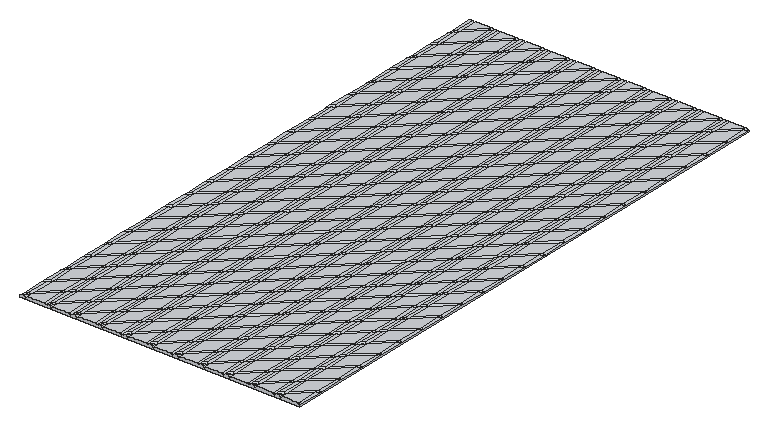
Revit family "J2 PET Felt Engraved Diamond", category Generic Models, host Face, Revit 2022
Family settings
  Host = Face
  Can host rebar = No
  Round Connector Dimension = Use Diameter
  Part Type = Normal
  Cut with Voids When Loaded = No
  Maintain Annotation Orientation = No
  Shared = No
  Room Calculation Point = No
Parameters
  URL = "https://www.j2systems.net/"
  Symbol Name = "FPEDMD"  # constant formula
  Style Number = "FPEDMD"  # constant formula
  Release Date = "2019"  # constant formula
  Product Line = "Engraved Panels"  # constant formula
  Model = "Diamond"  # constant formula
  Manufacturer = "J2 Systems"  # constant formula
  Felt color = none
  Default Elevation = 0' - 0"
Reference planes (in)
  plane 1 "Center (Front/Back)": y = 0
  plane 2: z = 0
  plane 3 "Center (Left/Right)": x = 0
Forms (in)
  Extrusion 1, solid, material <- "Felt color"
    sketch origin (0, 0, 0) x (1, 0, 0) y (0, 1, 0)
      loop
        line (0, 0) -> (47, 0) -> (47, 94) -> (0, 94) -> (0, 0)
    from 0 to 0.5
  Sweep 2, void
    path origin (-16.61701, 16.61701, 0) x (0.707107, -0.707107, 0) y (0.707107, 0.707107, 0)
      loop
        line (23.5, -0.25) -> (23.5, 66.75)
    profile origin (23.5113, 23.5113, 0) x (-0.707107, 0.707107, 0) y (0, 0, 1)
      loop
        line (0, 0.25) -> (0.25, 0.5) -> (-0.25, 0.5) -> (0, 0.25)
  Sweep 3, void
    path origin (-16.61701, 20.88974, 0) x (0.707107, -0.707107, 0) y (0.707107, 0.707107, 0)
      loop
        line (23.5, -0.25) -> (23.5, 66.75)
    profile origin (23.5113, 27.78403, 0) x (-0.707107, 0.707107, 0) y (0, 0, 1)
      loop
        line (0, 0.25) -> (0.25, 0.5) -> (-0.25, 0.5) -> (0, 0.25)
  Sweep 4, void
    path origin (-16.61701, 25.16246, 0) x (0.707107, -0.707107, 0) y (0.707107, 0.707107, 0)
      loop
        line (23.5, -0.25) -> (23.5, 66.75)
    profile origin (23.5113, 32.05676, 0) x (-0.707107, 0.707107, 0) y (0, 0, 1)
      loop
        line (0, 0.25) -> (0.25, 0.5) -> (-0.25, 0.5) -> (0, 0.25)
  Sweep 5, void
    path origin (-16.61701, 29.43519, 0) x (0.707107, -0.707107, 0) y (0.707107, 0.707107, 0)
      loop
        line (23.5, -0.25) -> (23.5, 66.75)
    profile origin (23.5113, 36.32948, 0) x (-0.707107, 0.707107, 0) y (0, 0, 1)
      loop
        line (0, 0.25) -> (0.25, 0.5) -> (-0.25, 0.5) -> (0, 0.25)
  Sweep 6, void
    path origin (-16.61701, 33.70792, 0) x (0.707107, -0.707107, 0) y (0.707107, 0.707107, 0)
      loop
        line (23.5, -0.25) -> (23.5, 66.75)
    profile origin (23.5113, 40.60221, 0) x (-0.707107, 0.707107, 0) y (0, 0, 1)
      loop
        line (0, 0.25) -> (0.25, 0.5) -> (-0.25, 0.5) -> (0, 0.25)
  Sweep 7, void
    path origin (-16.61701, 37.98065, 0) x (0.707107, -0.707107, 0) y (0.707107, 0.707107, 0)
      loop
        line (23.5, -0.25) -> (23.5, 66.75)
    profile origin (23.5113, 44.87494, 0) x (-0.707107, 0.707107, 0) y (0, 0, 1)
      loop
        line (0, 0.25) -> (0.25, 0.5) -> (-0.25, 0.5) -> (0, 0.25)
  Sweep 8, void
    path origin (-16.61701, 42.25337, 0) x (0.707107, -0.707107, 0) y (0.707107, 0.707107, 0)
      loop
        line (23.5, -0.25) -> (23.5, 66.75)
    profile origin (23.5113, 49.14766, 0) x (-0.707107, 0.707107, 0) y (0, 0, 1)
      loop
        line (0, 0.25) -> (0.25, 0.5) -> (-0.25, 0.5) -> (0, 0.25)
  Sweep 9, void
    path origin (-16.61701, 46.5261, 0) x (0.707107, -0.707107, 0) y (0.707107, 0.707107, 0)
      loop
        line (23.5, -0.25) -> (23.5, 66.75)
    profile origin (23.5113, 53.42039, 0) x (-0.707107, 0.707107, 0) y (0, 0, 1)
      loop
        line (0, 0.25) -> (0.25, 0.5) -> (-0.25, 0.5) -> (0, 0.25)
  Sweep 10, void
    path origin (-16.61701, 50.79883, 0) x (0.707107, -0.707107, 0) y (0.707107, 0.707107, 0)
      loop
        line (23.5, -0.25) -> (23.5, 66.75)
    profile origin (23.5113, 57.69312, 0) x (-0.707107, 0.707107, 0) y (0, 0, 1)
      loop
        line (0, 0.25) -> (0.25, 0.5) -> (-0.25, 0.5) -> (0, 0.25)
  Sweep 11, void
    path origin (-16.61701, 55.07155, 0) x (0.707107, -0.707107, 0) y (0.707107, 0.707107, 0)
      loop
        line (23.5, -0.25) -> (23.5, 66.75)
    profile origin (23.5113, 61.96585, 0) x (-0.707107, 0.707107, 0) y (0, 0, 1)
      loop
        line (0, 0.25) -> (0.25, 0.5) -> (-0.25, 0.5) -> (0, 0.25)
  Sweep 12, void
    path origin (-16.61701, 59.34428, 0) x (0.707107, -0.707107, 0) y (0.707107, 0.707107, 0)
      loop
        line (23.5, -0.25) -> (23.5, 66.75)
    profile origin (23.5113, 66.23857, 0) x (-0.707107, 0.707107, 0) y (0, 0, 1)
      loop
        line (0, 0.25) -> (0.25, 0.5) -> (-0.25, 0.5) -> (0, 0.25)
  Sweep 13, void
    path origin (-16.61701, 63.61701, 0) x (0.707107, -0.707107, 0) y (0.707107, 0.707107, 0)
      loop
        line (23.5, -0.25) -> (23.5, 66.75)
    profile origin (23.5113, 70.5113, 0) x (-0.707107, 0.707107, 0) y (0, 0, 1)
      loop
        line (0, 0.25) -> (0.25, 0.5) -> (-0.25, 0.5) -> (0, 0.25)
  Sweep 14, void
    path origin (-16.61701, 67.88974, 0) x (0.707107, -0.707107, 0) y (0.707107, 0.707107, 0)
      loop
        line (23.5, -0.25) -> (23.5, 66.75)
    profile origin (23.5113, 74.78403, 0) x (-0.707107, 0.707107, 0) y (0, 0, 1)
      loop
        line (0, 0.25) -> (0.25, 0.5) -> (-0.25, 0.5) -> (0, 0.25)
  Sweep 15, void
    path origin (-16.61701, 72.16246, 0) x (0.707107, -0.707107, 0) y (0.707107, 0.707107, 0)
      loop
        line (23.5, -0.25) -> (23.5, 66.75)
    profile origin (23.5113, 79.05676, 0) x (-0.707107, 0.707107, 0) y (0, 0, 1)
      loop
        line (0, 0.25) -> (0.25, 0.5) -> (-0.25, 0.5) -> (0, 0.25)
  Sweep 16, void
    path origin (-16.61701, 76.43519, 0) x (0.707107, -0.707107, 0) y (0.707107, 0.707107, 0)
      loop
        line (23.5, -0.25) -> (23.5, 66.75)
    profile origin (23.5113, 83.32948, 0) x (-0.707107, 0.707107, 0) y (0, 0, 1)
      loop
        line (0, 0.25) -> (0.25, 0.5) -> (-0.25, 0.5) -> (0, 0.25)
  Sweep 17, void
    path origin (-16.61701, 80.70792, 0) x (0.707107, -0.707107, 0) y (0.707107, 0.707107, 0)
      loop
        line (23.5, -0.25) -> (23.5, 66.75)
    profile origin (23.5113, 87.60221, 0) x (-0.707107, 0.707107, 0) y (0, 0, 1)
      loop
        line (0, 0.25) -> (0.25, 0.5) -> (-0.25, 0.5) -> (0, 0.25)
  Sweep 18, void
    path origin (-16.61701, 84.98065, 0) x (0.707107, -0.707107, 0) y (0.707107, 0.707107, 0)
      loop
        line (23.5, -0.25) -> (23.5, 66.75)
    profile origin (23.5113, 91.87494, 0) x (-0.707107, 0.707107, 0) y (0, 0, 1)
      loop
        line (0, 0.25) -> (0.25, 0.5) -> (-0.25, 0.5) -> (0, 0.25)
  Sweep 19, void
    path origin (-16.61701, 89.25337, 0) x (0.707107, -0.707107, 0) y (0.707107, 0.707107, 0)
      loop
        line (23.5, -0.25) -> (23.5, 66.75)
    profile origin (23.5113, 96.14766, 0) x (-0.707107, 0.707107, 0) y (0, 0, 1)
      loop
        line (0, 0.25) -> (0.25, 0.5) -> (-0.25, 0.5) -> (0, 0.25)
  Sweep 20, void
    path origin (-16.61701, 93.5261, 0) x (0.707107, -0.707107, 0) y (0.707107, 0.707107, 0)
      loop
        line (23.5, -0.25) -> (23.5, 66.75)
    profile origin (23.5113, 100.42039, 0) x (-0.707107, 0.707107, 0) y (0, 0, 1)
      loop
        line (0, 0.25) -> (0.25, 0.5) -> (-0.25, 0.5) -> (0, 0.25)
  Sweep 21, void
    path origin (-16.61701, 97.79883, 0) x (0.707107, -0.707107, 0) y (0.707107, 0.707107, 0)
      loop
        line (23.5, -0.25) -> (23.5, 66.75)
    profile origin (23.5113, 104.69312, 0) x (-0.707107, 0.707107, 0) y (0, 0, 1)
      loop
        line (0, 0.25) -> (0.25, 0.5) -> (-0.25, 0.5) -> (0, 0.25)
  Sweep 22, void
    path origin (-16.61701, 102.07155, 0) x (0.707107, -0.707107, 0) y (0.707107, 0.707107, 0)
      loop
        line (23.5, -0.25) -> (23.5, 66.75)
    profile origin (23.5113, 108.96585, 0) x (-0.707107, 0.707107, 0) y (0, 0, 1)
      loop
        line (0, 0.25) -> (0.25, 0.5) -> (-0.25, 0.5) -> (0, 0.25)
  Sweep 23, void
    path origin (-16.61701, 106.34428, 0) x (0.707107, -0.707107, 0) y (0.707107, 0.707107, 0)
      loop
        line (23.5, -0.25) -> (23.5, 66.75)
    profile origin (23.5113, 113.23857, 0) x (-0.707107, 0.707107, 0) y (0, 0, 1)
      loop
        line (0, 0.25) -> (0.25, 0.5) -> (-0.25, 0.5) -> (0, 0.25)
  Sweep 24, void
    path origin (-16.61701, -30.38299, 0) x (0.707107, -0.707107, 0) y (0.707107, 0.707107, 0)
      loop
        line (23.5, -0.25) -> (23.5, 66.75)
    profile origin (23.5113, -23.4887, 0) x (-0.707107, 0.707107, 0) y (0, 0, 1)
      loop
        line (0, 0.25) -> (0.25, 0.5) -> (-0.25, 0.5) -> (0, 0.25)
  Sweep 25, void
    path origin (-16.61701, -26.11026, 0) x (0.707107, -0.707107, 0) y (0.707107, 0.707107, 0)
      loop
        line (23.5, -0.25) -> (23.5, 66.75)
    profile origin (23.5113, -19.21597, 0) x (-0.707107, 0.707107, 0) y (0, 0, 1)
      loop
        line (0, 0.25) -> (0.25, 0.5) -> (-0.25, 0.5) -> (0, 0.25)
  Sweep 26, void
    path origin (-16.61701, -21.83754, 0) x (0.707107, -0.707107, 0) y (0.707107, 0.707107, 0)
      loop
        line (23.5, -0.25) -> (23.5, 66.75)
    profile origin (23.5113, -14.94324, 0) x (-0.707107, 0.707107, 0) y (0, 0, 1)
      loop
        line (0, 0.25) -> (0.25, 0.5) -> (-0.25, 0.5) -> (0, 0.25)
  Sweep 27, void
    path origin (-16.61701, -17.56481, 0) x (0.707107, -0.707107, 0) y (0.707107, 0.707107, 0)
      loop
        line (23.5, -0.25) -> (23.5, 66.75)
    profile origin (23.5113, -10.67052, 0) x (-0.707107, 0.707107, 0) y (0, 0, 1)
      loop
        line (0, 0.25) -> (0.25, 0.5) -> (-0.25, 0.5) -> (0, 0.25)
  Sweep 28, void
    path origin (-16.61701, -13.29208, 0) x (0.707107, -0.707107, 0) y (0.707107, 0.707107, 0)
      loop
        line (23.5, -0.25) -> (23.5, 66.75)
    profile origin (23.5113, -6.39779, 0) x (-0.707107, 0.707107, 0) y (0, 0, 1)
      loop
        line (0, 0.25) -> (0.25, 0.5) -> (-0.25, 0.5) -> (0, 0.25)
  Sweep 29, void
    path origin (-16.61701, -9.01935, 0) x (0.707107, -0.707107, 0) y (0.707107, 0.707107, 0)
      loop
        line (23.5, -0.25) -> (23.5, 66.75)
    profile origin (23.5113, -2.12506, 0) x (-0.707107, 0.707107, 0) y (0, 0, 1)
      loop
        line (0, 0.25) -> (0.25, 0.5) -> (-0.25, 0.5) -> (0, 0.25)
  Sweep 30, void
    path origin (-16.61701, -4.74663, 0) x (0.707107, -0.707107, 0) y (0.707107, 0.707107, 0)
      loop
        line (23.5, -0.25) -> (23.5, 66.75)
    profile origin (23.5113, 2.14766, 0) x (-0.707107, 0.707107, 0) y (0, 0, 1)
      loop
        line (0, 0.25) -> (0.25, 0.5) -> (-0.25, 0.5) -> (0, 0.25)
  Sweep 31, void
    path origin (-16.61701, -0.4739, 0) x (0.707107, -0.707107, 0) y (0.707107, 0.707107, 0)
      loop
        line (23.5, -0.25) -> (23.5, 66.75)
    profile origin (23.5113, 6.42039, 0) x (-0.707107, 0.707107, 0) y (0, 0, 1)
      loop
        line (0, 0.25) -> (0.25, 0.5) -> (-0.25, 0.5) -> (0, 0.25)
  Sweep 32, void
    path origin (-16.61701, 3.79883, 0) x (0.707107, -0.707107, 0) y (0.707107, 0.707107, 0)
      loop
        line (23.5, -0.25) -> (23.5, 66.75)
    profile origin (23.5113, 10.69312, 0) x (-0.707107, 0.707107, 0) y (0, 0, 1)
      loop
        line (0, 0.25) -> (0.25, 0.5) -> (-0.25, 0.5) -> (0, 0.25)
  Sweep 33, void
    path origin (-16.61701, 8.07155, 0) x (0.707107, -0.707107, 0) y (0.707107, 0.707107, 0)
      loop
        line (23.5, -0.25) -> (23.5, 66.75)
    profile origin (23.5113, 14.96585, 0) x (-0.707107, 0.707107, 0) y (0, 0, 1)
      loop
        line (0, 0.25) -> (0.25, 0.5) -> (-0.25, 0.5) -> (0, 0.25)
  Sweep 34, void
    path origin (-16.61701, 12.34428, 0) x (0.707107, -0.707107, 0) y (0.707107, 0.707107, 0)
      loop
        line (23.5, -0.25) -> (23.5, 66.75)
    profile origin (23.5113, 19.23857, 0) x (-0.707107, 0.707107, 0) y (0, 0, 1)
      loop
        line (0, 0.25) -> (0.25, 0.5) -> (-0.25, 0.5) -> (0, 0.25)
  Sweep 35, void
    path origin (-16.61701, 110.61701, 0) x (0.707107, -0.707107, 0) y (0.707107, 0.707107, 0)
      loop
        line (23.5, -0.25) -> (23.5, 66.75)
    profile origin (23.5113, 117.5113, 0) x (-0.707107, 0.707107, 0) y (0, 0, 1)
      loop
        line (0, 0.25) -> (0.25, 0.5) -> (-0.25, 0.5) -> (0, 0.25)
  Sweep 36, void
    path origin (-22.5, 0.25, 0) x (1, 0, 0) y (0, 1, 0)
      loop
        line (23.5, -0.25) -> (23.5, 93.75)
    profile origin (1, 47, 0) x (-1, 0, 0) y (0, 0, 1)
      loop
        line (0, 0.25) -> (0.25, 0.5) -> (-0.25, 0.5) -> (0, 0.25)
  Sweep 37, void
    path origin (-23.5, 0.25, 0) x (1, 0, 0) y (0, 1, 0)
      loop
        line (23.5, -0.25) -> (23.5, 93.75)
    profile origin (0, 47, 0) x (-1, 0, 0) y (0, 0, 1)
      loop
        line (0, 0.25) -> (0, 0.5) -> (-0.25, 0.5) -> (0, 0.25)
  Sweep 38, void
    path origin (-13.95455, 0.25, 0) x (1, 0, 0) y (0, 1, 0)
      loop
        line (23.5, -0.25) -> (23.5, 93.75)
    profile origin (9.54545, 47, 0) x (-1, 0, 0) y (0, 0, 1)
      loop
        line (0, 0.25) -> (0.25, 0.5) -> (-0.25, 0.5) -> (0, 0.25)
  Sweep 39, void
    path origin (-14.95455, 0.25, 0) x (1, 0, 0) y (0, 1, 0)
      loop
        line (23.5, -0.25) -> (23.5, 93.75)
    profile origin (8.54545, 47, 0) x (-1, 0, 0) y (0, 0, 1)
      loop
        line (0, 0.25) -> (0.25, 0.5) -> (-0.25, 0.5) -> (0, 0.25)
  Sweep 40, void
    path origin (-9.68182, 0.25, 0) x (1, 0, 0) y (0, 1, 0)
      loop
        line (23.5, -0.25) -> (23.5, 93.75)
    profile origin (13.81818, 47, 0) x (-1, 0, 0) y (0, 0, 1)
      loop
        line (0, 0.25) -> (0.25, 0.5) -> (-0.25, 0.5) -> (0, 0.25)
  Sweep 41, void
    path origin (-10.68182, 0.25, 0) x (1, 0, 0) y (0, 1, 0)
      loop
        line (23.5, -0.25) -> (23.5, 93.75)
    profile origin (12.81818, 47, 0) x (-1, 0, 0) y (0, 0, 1)
      loop
        line (0, 0.25) -> (0.25, 0.5) -> (-0.25, 0.5) -> (0, 0.25)
  Sweep 42, void
    path origin (-5.40909, 0.25, 0) x (1, 0, 0) y (0, 1, 0)
      loop
        line (23.5, -0.25) -> (23.5, 93.75)
    profile origin (18.09091, 47, 0) x (-1, 0, 0) y (0, 0, 1)
      loop
        line (0, 0.25) -> (0.25, 0.5) -> (-0.25, 0.5) -> (0, 0.25)
  Sweep 43, void
    path origin (-6.40909, 0.25, 0) x (1, 0, 0) y (0, 1, 0)
      loop
        line (23.5, -0.25) -> (23.5, 93.75)
    profile origin (17.09091, 47, 0) x (-1, 0, 0) y (0, 0, 1)
      loop
        line (0, 0.25) -> (0.25, 0.5) -> (-0.25, 0.5) -> (0, 0.25)
  Sweep 44, void
    path origin (-1.13636, 0.25, 0) x (1, 0, 0) y (0, 1, 0)
      loop
        line (23.5, -0.25) -> (23.5, 93.75)
    profile origin (22.36364, 47, 0) x (-1, 0, 0) y (0, 0, 1)
      loop
        line (0, 0.25) -> (0.25, 0.5) -> (-0.25, 0.5) -> (0, 0.25)
  Sweep 45, void
    path origin (-2.13636, 0.25, 0) x (1, 0, 0) y (0, 1, 0)
      loop
        line (23.5, -0.25) -> (23.5, 93.75)
    profile origin (21.36364, 47, 0) x (-1, 0, 0) y (0, 0, 1)
      loop
        line (0, 0.25) -> (0.25, 0.5) -> (-0.25, 0.5) -> (0, 0.25)
  Sweep 46, void
    path origin (3.13636, 0.25, 0) x (1, 0, 0) y (0, 1, 0)
      loop
        line (23.5, -0.25) -> (23.5, 93.75)
    profile origin (26.63636, 47, 0) x (-1, 0, 0) y (0, 0, 1)
      loop
        line (0, 0.25) -> (0.25, 0.5) -> (-0.25, 0.5) -> (0, 0.25)
  Sweep 47, void
    path origin (2.13636, 0.25, 0) x (1, 0, 0) y (0, 1, 0)
      loop
        line (23.5, -0.25) -> (23.5, 93.75)
    profile origin (25.63636, 47, 0) x (-1, 0, 0) y (0, 0, 1)
      loop
        line (0, 0.25) -> (0.25, 0.5) -> (-0.25, 0.5) -> (0, 0.25)
  Sweep 48, void
    path origin (7.40909, 0.25, 0) x (1, 0, 0) y (0, 1, 0)
      loop
        line (23.5, -0.25) -> (23.5, 93.75)
    profile origin (30.90909, 47, 0) x (-1, 0, 0) y (0, 0, 1)
      loop
        line (0, 0.25) -> (0.25, 0.5) -> (-0.25, 0.5) -> (0, 0.25)
  Sweep 49, void
    path origin (6.40909, 0.25, 0) x (1, 0, 0) y (0, 1, 0)
      loop
        line (23.5, -0.25) -> (23.5, 93.75)
    profile origin (29.90909, 47, 0) x (-1, 0, 0) y (0, 0, 1)
      loop
        line (0, 0.25) -> (0.25, 0.5) -> (-0.25, 0.5) -> (0, 0.25)
  Sweep 50, void
    path origin (11.68182, 0.25, 0) x (1, 0, 0) y (0, 1, 0)
      loop
        line (23.5, -0.25) -> (23.5, 93.75)
    profile origin (35.18182, 47, 0) x (-1, 0, 0) y (0, 0, 1)
      loop
        line (0, 0.25) -> (0.25, 0.5) -> (-0.25, 0.5) -> (0, 0.25)
  Sweep 51, void
    path origin (10.68182, 0.25, 0) x (1, 0, 0) y (0, 1, 0)
      loop
        line (23.5, -0.25) -> (23.5, 93.75)
    profile origin (34.18182, 47, 0) x (-1, 0, 0) y (0, 0, 1)
      loop
        line (0, 0.25) -> (0.25, 0.5) -> (-0.25, 0.5) -> (0, 0.25)
  Sweep 52, void
    path origin (15.95455, 0.25, 0) x (1, 0, 0) y (0, 1, 0)
      loop
        line (23.5, -0.25) -> (23.5, 93.75)
    profile origin (39.45455, 47, 0) x (-1, 0, 0) y (0, 0, 1)
      loop
        line (0, 0.25) -> (0.25, 0.5) -> (-0.25, 0.5) -> (0, 0.25)
  Sweep 53, void
    path origin (14.95455, 0.25, 0) x (1, 0, 0) y (0, 1, 0)
      loop
        line (23.5, -0.25) -> (23.5, 93.75)
    profile origin (38.45455, 47, 0) x (-1, 0, 0) y (0, 0, 1)
      loop
        line (0, 0.25) -> (0.25, 0.5) -> (-0.25, 0.5) -> (0, 0.25)
  Sweep 54, void
    path origin (20.22727, 0.25, 0) x (1, 0, 0) y (0, 1, 0)
      loop
        line (23.5, -0.25) -> (23.5, 93.75)
    profile origin (43.72727, 47, 0) x (-1, 0, 0) y (0, 0, 1)
      loop
        line (0, 0.25) -> (0.25, 0.5) -> (-0.25, 0.5) -> (0, 0.25)
  Sweep 55, void
    path origin (19.22727, 0.25, 0) x (1, 0, 0) y (0, 1, 0)
      loop
        line (23.5, -0.25) -> (23.5, 93.75)
    profile origin (42.72727, 47, 0) x (-1, 0, 0) y (0, 0, 1)
      loop
        line (0, 0.25) -> (0.25, 0.5) -> (-0.25, 0.5) -> (0, 0.25)
  Sweep 56, void
    path origin (23.5, 0.25, 0) x (1, 0, 0) y (0, 1, 0)
      loop
        line (23.5, -0.25) -> (23.5, 93.75)
    profile origin (47, 47, 0) x (-1, 0, 0) y (0, 0, 1)
      loop
        line (0, 0.25) -> (0.25, 0.5) -> (0, 0.5) -> (0, 0.25)
  Sweep 57, void
    path origin (-18.22727, 0.25, 0) x (1, 0, 0) y (0, 1, 0)
      loop
        line (23.5, -0.25) -> (23.5, 93.75)
    profile origin (5.27273, 47, 0) x (-1, 0, 0) y (0, 0, 1)
      loop
        line (0, 0.25) -> (0.25, 0.5) -> (-0.25, 0.5) -> (0, 0.25)
  Sweep 58, void
    path origin (-19.22727, 0.25, 0) x (1, 0, 0) y (0, 1, 0)
      loop
        line (23.5, -0.25) -> (23.5, 93.75)
    profile origin (4.27273, 47, 0) x (-1, 0, 0) y (0, 0, 1)
      loop
        line (0, 0.25) -> (0.25, 0.5) -> (-0.25, 0.5) -> (0, 0.25)
Cuts and joins
  Sweep 2, Sweep 3, Sweep 4, Sweep 5, Sweep 6, Sweep 7, Sweep 8, Sweep 9, Sweep 10, Sweep 11, Sweep 12, Sweep 13, Sweep 14, Sweep 15, Sweep 16, Sweep 17, Sweep 18, Sweep 19, Sweep 20, Sweep 21, Sweep 22, Sweep 23, Sweep 24, Sweep 25, Sweep 26, Sweep 27, Sweep 28, Sweep 29, Sweep 30, Sweep 31, Sweep 32, Sweep 33, Sweep 34, Sweep 35, Sweep 36, Sweep 37, Sweep 38, Sweep 39, Sweep 40, Sweep 41, Sweep 42, Sweep 43, Sweep 44, Sweep 45, Sweep 46, Sweep 47, Sweep 48, Sweep 49, Sweep 50, Sweep 51, Sweep 52, Sweep 53, Sweep 54, Sweep 55, Sweep 56, Sweep 57, Sweep 58 cuts Extrusion 1
Dimensions and locks (in)
  aligned and locked: host face to plane 2
  aligned and locked: level to host face
